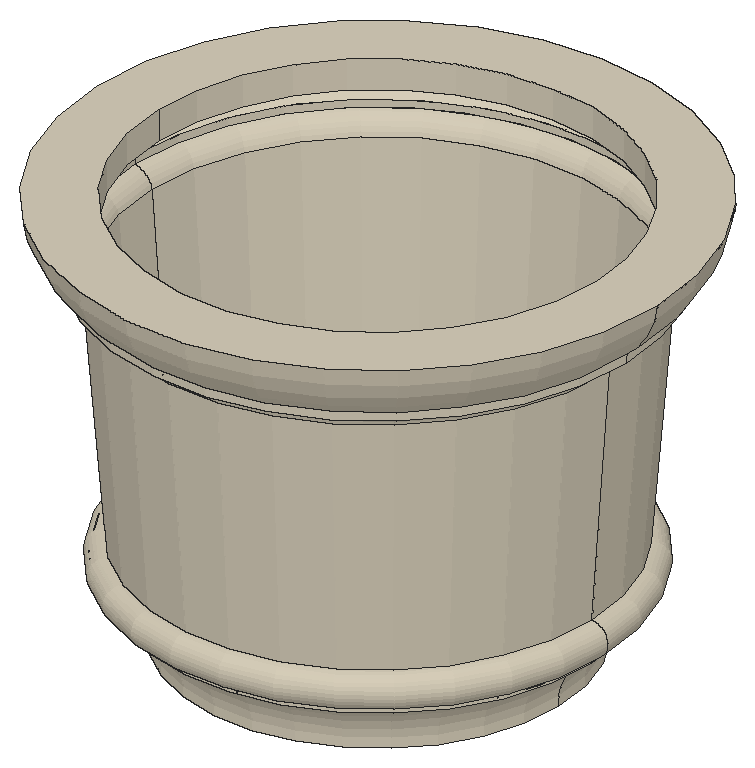
Revit family "Specialty_Equipment-Fiberstone_Planter-Planters_Unlimited-Lynx-Round-rev", category Specialty Equipment, Revit 2023
Family settings
  Round Connector Dimension = Use Diameter
  Part Type = Normal
  OmniClass Number = 23.40.05.21.17
  OmniClass Title = Planters
  Work Plane-Based = No
  Enable Cutting in Views = No
  Always vertical = Yes
  Cut with Voids When Loaded = No
  Maintain Annotation Orientation = No
  Shared = No
  Room Calculation Point = No
Parameters (values of type "18.5"Dia x 13"H")
  URL = "https://www.plantersunlimited.com"
  Type Comments = "Round Planter"  # constant formula
  Model = "Lynx Series Planters"  # constant formula
  Manufacturer = "Planters Unlimited"  # constant formula
  Description = "Lynx Round Planter"  # constant formula
  Default Elevation = 0.0"
  CD_Specification = "https://www.plantersunlimited.com/content/Planters/C19-LYN-R.pdf"
  CD_Radius Baseplate = CD_Radius - 3.3"  # 5.95"
  CD_Radius = CD_Diameter / 2  # 9.25"
  CD_Product Page URL = "https://www.plantersunlimited.com/lynx-round-planters"
  CD_Product Name [instance] = "Lynx Planter"  # constant formula
  CD_Planter Lip = CD_Radius / 10  # 0.925"
  CD_Planter Belt2 = CD_Radius Baseplate / 11  # 0.54091"
  CD_Planter Belt1 = CD_Radius Baseplate / 15  # 0.39667"
  CD_Pad Spacing = CD_Radius - 4.3"  # 4.95"
  CD_Pad Size = 3.0"  # constant formula
  CD_Microsite = "https://www.caddetails.com/3404"
  CD_Height = 13.0"
  CD_Finish = Plastic-Fiberstone-Carlsbad-Chenza
  CD_Diameter = 18.5"
  CD_Created By = "CADdetails LTD. 2024"  # constant formula
  Assembly Code = "G2050600"
Types (7): name | CD_Radius Baseplate | CD_Radius | CD_Planter Lip | CD_Planter Belt2 | CD_Planter Belt1 | CD_Pad Spacing | CD_Height | CD_Diameter
  18.5"Dia x 13"H | 5.95" | 9.25" | 0.925" | 0.54091" | 0.39667" | 4.95" | 13.0" | 18.5"
  20"Dia x 16"H | 6.7" | 10.0" | 1.0" | 0.60909" | 0.44667" | 5.7" | 16.0" | 20.0"
  23"Dia x 16"H | 8.2" | 11.5" | 1.15" | 0.74545" | 0.54667" | 7.2" | 16.0" | 23.0"
  25"Dia x 19"H | 9.2" | 12.5" | 1.25" | 0.83636" | 0.61333" | 8.2" | 19.0" | 25.0"
  30"Dia x 22.5"H | 11.7" | 15.0" | 1.5" | 1.06364" | 0.78" | 10.7" | 22.5" | 30.0"
  35"Dia x 25"H | 14.2" | 17.5" | 1.75" | 1.29091" | 0.94667" | 13.2" | 25.0" | 35.0"
  42"Dia x 32"H | 17.7" | 21.0" | 2.1" | 1.60909" | 1.18" | 16.7" | 32.0" | 42.0"
Reference planes (in)
  plane 1 "Center (Front/Back)": y = 0
  plane 2: z = 0
  plane 3 "Center (Left/Right)": x = 0
  plane 4 "Right": x = 9.25
  plane 5 "Left": x = -9.25
  plane 6 "Front": y = 9.25
  plane 7 "Back": y = -9.25
  plane 8 "Top": z = 13.125
  plane 9 "Bottom": z = 0
  plane 10 "Bottom of Planter": z = 0.125
  plane 11: y = 4.95
  plane 12: y = -4.95
  plane 13 "PL1": x = -4.95
  plane 14 "PL2": x = 4.95
Forms (in)
  Extrusion 1, solid, material "Plastic-Fiberstone-Carlsbad-Chenza" <- "CD_Finish"
    sketch origin (9, 0, 0) x (1, 0, 0) y (0, 1, 0)
      loop
        line (-7.05, 1.5) -> (-7.05, -1.5) -> (-4.05, -1.5) -> (-4.05, 1.5) -> (-7.05, 1.5)
    from 0 to 0.125
  Sweep 2, solid, material "Plastic-Fiberstone-Carlsbad-Chenza" <- "CD_Finish"
    path origin (0, 0, 0) x (1, 0, 0) y (0, 1, 0)
      loop
        circle (0, 0) r 9.25
    profile origin (9.25, 0, 0) x (-1, 0, 0) y (0, 0, 1)
      loop
        line (2.01073, 13.125) -> (0, 13.125)
        arc (0, 13.125) -> (0.3144, 12.11777) -> (1.01073, 11.325) r 2.54183
        line (1.01073, 11.325) -> (1.01073, 11.075)
        arc (1.01073, 11.075) -> (1.36774, 10.95226) -> (1.57381, 10.63594) r 0.58059
        line (1.57381, 10.63594) -> (2.1839, 3.04439)
        arc (2.1839, 3.04439) -> (1.64299, 2.50349) -> (2.1839, 1.96258) r 0.54091
        line (2.1839, 1.96258) -> (2.1839, 1.76368)
        arc (2.1839, 1.76368) -> (2.99932, 1.12714) -> (3.25585, 0.125) r 1.60229
        line (3.25585, 0.125) -> (3.45639, 0.125)
        arc (3.45639, 0.125) -> (3.20097, 1.18212) -> (2.3839, 1.89984) r 1.80229
        line (2.3839, 1.89984) -> (2.3839, 2.16093)
        arc (2.3839, 2.16093) -> (1.78744, 2.51642) -> (2.4058, 2.83228) r 0.39667
        line (2.4058, 2.83228) -> (1.77651, 10.66902)
        arc (1.77651, 10.66902) -> (1.58022, 11.03406) -> (1.22466, 11.24705) r 0.78014
        line (1.22466, 11.24705) -> (1.22466, 11.47943)
        arc (1.22466, 11.47943) -> (0.84399, 11.8028) -> (0.54116, 12.2) r 2.32545
        line (0.54116, 12.2) -> (2.01073, 12.2) -> (2.01073, 13.125)
  Extrusion 3, solid, material "Plastic-Fiberstone-Carlsbad-Chenza" <- "CD_Finish"
    sketch origin (0, 0, 0) x (0, -1, 0) y (1, 0, 0)
      loop
        line (1.95, 1.5) -> (1.95, -1.5) -> (4.95, -1.5) -> (4.95, 1.5) -> (1.95, 1.5)
    from 0 to 0.125
  Extrusion 4, solid, material "Plastic-Fiberstone-Carlsbad-Chenza" <- "CD_Finish"
    sketch origin (0, 0, 0) x (-1, 0, 0) y (0, -1, 0)
      loop
        line (1.95, 1.5) -> (1.95, -1.5) -> (4.95, -1.5) -> (4.95, 1.5) -> (1.95, 1.5)
    from 0 to 0.125
  Extrusion 5, solid, material "Plastic-Fiberstone-Carlsbad-Chenza" <- "CD_Finish"
    sketch origin (0, 0, 0) x (0, 1, 0) y (-1, 0, 0)
      loop
        line (1.95, 1.5) -> (1.95, -1.5) -> (4.95, -1.5) -> (4.95, 1.5) -> (1.95, 1.5)
    from 0 to 0.125
  Extrusion 6, solid, material "Plastic-Fiberstone-Carlsbad-Chenza" <- "CD_Finish"
    sketch origin (0, 0, 0.125) x (-1, 0, 0) y (0, -1, 0)
      loop
        circle (0, 0) r 5.95
    from 0 to 0.12
Dimensions and locks (in)
  "CD_Diameter": plane 6 "Front" to plane 7 "Back"
  equal spacing: plane 6 "Front", plane 1 "Center (Front/Back)", plane 7 "Back"
  equal spacing: plane 5 "Left", plane 3 "Center (Left/Right)", plane 4 "Right"
  "CD_Diameter": plane 5 "Left" to plane 4 "Right"
  locked: plane 10 "Bottom of Planter" to level at 0.125
  "CD_Height": plane 8 "Top" to plane 10 "Bottom of Planter"
  "CD_Pad Size": Extrusion 1 sketch curve to Extrusion 1 sketch curve  (x2)
  "CD_Planter Lip": Sweep 2 sketch curve to Sweep 2 sketch curve
  "CD_Pad Size": Extrusion 3 sketch curve to Extrusion 3 sketch curve  (x2)
  "CD_Pad Size": Extrusion 4 sketch curve to Extrusion 4 sketch curve  (x2)
  "CD_Pad Size": Extrusion 5 sketch curve to Extrusion 5 sketch curve  (x2)
  Sweep 2 to plane 3 "Center (Left/Right)" = 5.99415"
  "CD_Pad Spacing": plane 3 "Center (Left/Right)" to plane 14 "PL2"
  "CD_Pad Spacing": plane 13 "PL1" to plane 3 "Center (Left/Right)"
  "CD_Pad Spacing": plane 11 to plane 1 "Center (Front/Back)"
  "CD_Pad Spacing": plane 1 "Center (Front/Back)" to plane 12
  equal spacing: Extrusion 1 sketch curve, plane 1 "Center (Front/Back)", Extrusion 1 sketch curve
  equal spacing: Extrusion 4 sketch curve, plane 1 "Center (Front/Back)", Extrusion 4 sketch curve
  equal spacing: Extrusion 5 sketch curve, plane 3 "Center (Left/Right)", Extrusion 5 sketch curve
  equal spacing: Extrusion 3 sketch curve, plane 3 "Center (Left/Right)", Extrusion 3 sketch curve
  "CD_Radius": radius of Sweep 2 sketch curve
  "CD_Radius Baseplate": radius of Extrusion 6 sketch curve
  "CD_Planter Belt1": radius of Sweep 2 sketch curve
  "CD_Planter Belt2": radius of Sweep 2 sketch curve
  aligned and locked: plane 2 to level
  aligned and locked: level to Extrusion 1
  aligned and locked: Extrusion 1 to plane 10 "Bottom of Planter"
  aligned and locked: Sweep 2 sketch curve to plane 10 "Bottom of Planter"
  aligned and locked: Sweep 2 sketch curve to plane 8 "Top"
  aligned and locked: plane 4 "Right" to Sweep 2 sketch curve
  aligned and locked: plane 14 "PL2" to Extrusion 1
  aligned and locked: plane 11 to Extrusion 5
  aligned and locked: Extrusion 4 to plane 13 "PL1"
  aligned and locked: Extrusion 3 to plane 12
  aligned and locked: plane 3 "Center (Left/Right)" to Extrusion 6 sketch curve
  aligned and locked: plane 1 "Center (Front/Back)" to Extrusion 6 sketch curve
Automatic sketch dimensions
  plane 4 "Right" to Extrusion 1 sketch curve = 7.3"
  plane 1 "Center (Front/Back)" to Extrusion 3 sketch curve = 1.95"
  Extrusion 4 sketch curve to plane 13 "PL1" = 0.0"
  Extrusion 5 sketch curve to plane 11 = 0.0"
  plane 1 "Center (Front/Back)" to Sweep 2 sketch curve = 0.0"
  Sweep 2 sketch curve to plane 3 "Center (Left/Right)" = 0.0"
  Sweep 2 sketch curve to Sweep 2 sketch curve = 0.0"  (x4)
  Sweep 2 sketch curve to profile plane = 0.54116"
  Sweep 2 sketch curve to profile plane = 1.01073"
  Sweep 2 sketch curve to Sweep 2 sketch curve = 0.00522"
  Sweep 2 sketch curve to Sweep 2 sketch curve = 0.21393"
  Sweep 2 sketch curve to Sweep 2 sketch curve = 0.55786"
  level to Sweep 2 sketch curve = 0.25"
  Sweep 2 sketch curve to profile plane = 1.65844"
  Sweep 2 sketch curve to Sweep 2 sketch curve = 0.2027"
  Sweep 2 sketch curve to Sweep 2 sketch curve = 0.78607"
  Sweep 2 sketch curve to Sweep 2 sketch curve = 0.52546"
  Sweep 2 sketch curve to Sweep 2 sketch curve = 0.2"
  Sweep 2 sketch curve to Sweep 2 sketch curve = 0.2219"
  Sweep 2 sketch curve to Sweep 2 sketch curve = 0.52"
  Sweep 2 sketch curve to Sweep 2 sketch curve = 0.00043"
  Sweep 2 sketch curve to Sweep 2 sketch curve = 1.59741"
  Sweep 2 sketch curve to Sweep 2 sketch curve = 0.20054"
  Sweep 2 sketch curve to Sweep 2 sketch curve = 0.19889"
  Sweep 2 sketch curve to Sweep 2 sketch curve = 1.70559"
  Sweep 2 sketch curve to Sweep 2 sketch curve = 0.00094"
  Sweep 2 sketch curve to Sweep 2 sketch curve = 0.14059"
  Sweep 2 sketch curve to Sweep 2 sketch curve = 0.03308"
  Sweep 2 sketch curve to Sweep 2 sketch curve = 0.07795"
  Sweep 2 sketch curve to Sweep 2 sketch curve = 0.23239"
